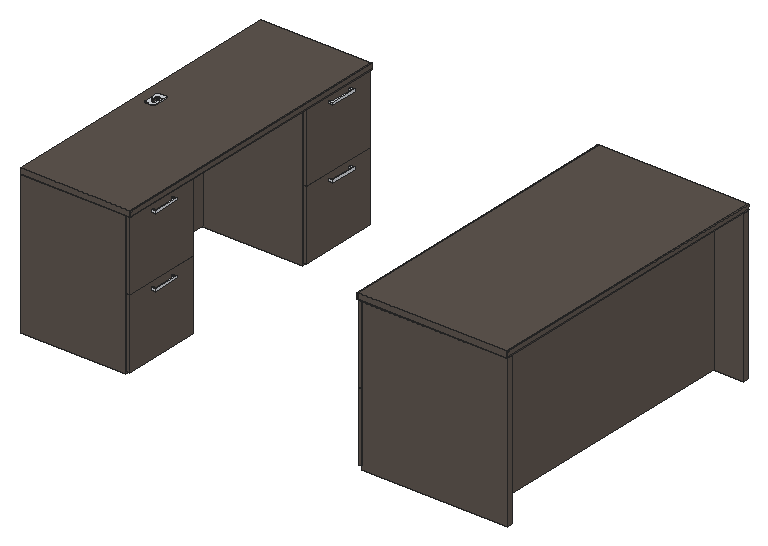
Revit family "T100293", category Furniture, Revit 2022
Family settings
  OmniClass Number = 23.40.20.00
  OmniClass Title = General Furniture and Specialties
  Work Plane-Based = No
  Always vertical = No
  Cut with Voids When Loaded = No
  Render Appearance Source = Family Geometry
  Shared = No
  Room Calculation Point = No
Parameters (values of type "T100293")
  URL = "https://ofs.com/"
  Manufacturer = "OFS"
  Description = "OFS TYPICAL T100293"
  Default Elevation = 0"
  Copyright © = "©OFS 2021"
  Catalog = "https://ofs.com/2020-experience"
  Authoring Version = "Autodesk Revit Architecture 2015"
  Assembly Code = "E2020400"
Reference planes (in)
  plane 1 "Center Front/Back": y = 0
  plane 2: z = 0
  plane 3 "Center Left/Right": x = 0
Dimensions and locks (in)
  aligned and locked: level to plane 2
Nested families (in)
  nested 1: "OFS ELEMENT OPEN L DESK LEFT AND RIGHT 84in Width 60in Return" at (102, 18.84375, 84), type "ELEMENT OPEN L DESK LEFT RETURN 84in Width 60in Return"
    with Right Desk Ovelay no, Left Desk Overlay no, Desk Overlay Option yes
  nested 2: "FIRST OFFICE-PULSE_CREDENZA_KNEESPACE" at (-38.0637, 0, 0) x (0, 1, 0) z (0, 0, 1), type "PULSE_CREDENZA_KNEESPACE_4-6022FCR"
    with TOP D SIZE yes, THICKNESS 1.188", CENTER GROMMET yes
  nested 3: "OFS PULSE FULL DOUBLE PEDESTAL DESKS (1)" at (34, 0, 0) x (0, -1, 0) z (0, 0, 1), type "Full Double Pedestal Desk Breakfront - 60x30"
    with Modesty Open 14"
Definition of nested family "FIRST OFFICE-PULSE_CREDENZA_KNEESPACE"
  Parameters (values of type "PULSE_CREDENZA_KNEESPACE_4-7222FCR")
    URL = "http://www.firstoffice.com/products/casegoods/pulse"
    TOP D SIZE [instance] = yes
    THICKNESS [instance] = if(TOP D SIZE, 1.188", 1.563")  # 1.188"
    PEDESTAL HEIGHT = 28.187"
    Default Elevation = 0"
    DRAWER FRONT = none
    ENVIRONMENTAL = "http://www.firstoffice.com/information/environment"
    TOP CORE = none
    Manufacturer = "FIRST OFFICE-PULSE"
    MODEL NUMBER = "4-7222FCR"
    MANUFACTURERS' CODE = "FOF"
    EDGE SHAPE = none
    Description = "PULSE KNEESPACE CREDENZA FULL PED 72X22"
    CREDENZA WIDTH = 72"
    CHASSIS = none
    CENTER GROMMET [instance] = yes
    CATALOG CODE = "FOF"
  Types (6): name | PEDESTAL HEIGHT | MODEL NUMBER | Description | CREDENZA WIDTH
    (no name) | 28.187" | "4-7222FCR" | "PULSE KNEESPACE CREDENZA FULL PED 72X22" | 72"
    PULSE_CREDENZA_KNEESPACE_4-6022FCR | 28.187" | "4-6022FCR" | "PULSE KNEESPACE CREDENZA FULL PED 60X22" | 60"
    PULSE_CREDENZA_KNEESPACE_4-6622FCR | 28.187" | "4-6622FCR" | "PULSE KNEESPACE CREDENZA FULL PED 66X22" | 66"
    PULSE_CREDENZA_KNEESPACE_4-7222FCR | 28.187" | "4-7222FCR" | "PULSE KNEESPACE CREDENZA FULL PED 72X22" | 72"
    PULSE_CREDENZA_KNEESPACE_4-6622CR | 21 1/4" | "4-6622CR" | "PULSE KNEESPACE CREDENZA 3/4 PED 66X22" | 66"
    PULSE_CREDENZA_KNEESPACE_4-7222CR | 21 1/4" | "4-7222CR" | "PULSE KNEESPACE CREDENZA 3/4 PED 72X22" | 72"
  Reference planes (in)
    plane 1 "Center Front/Back": y = -4
    plane 2: z = 0
    plane 3 "Center Left/Right": x = 0
    plane 4 "LEFT": x = -36
    plane 5 "RIGHT": x = 36
    plane 6 "DESK TOP": z = 30
    plane 7 "BASE HEIGHT": z = 28.812
    plane 8 "FRONT": y = -15
    plane 9 "PEDESTAL BOTTOM": z = 0.5
    plane 10 "PEDESTAL TOP": z = 28.687
    plane 11: z = 1.063
    plane 12 "PEDESTAL FRONT": y = -14
    plane 13 "DRAWER FRONT": y = -14.75
    plane 14: z = 14.813
    plane 15: z = 14.938
    plane 16: x = -35.937
    plane 17: x = 35.937
    plane 18: x = -20.187
    plane 19: x = -20.124
    plane 20: x = 20.187
    plane 21: x = 20.124
    plane 22: x = -34.937
    plane 23: x = -20.874
    plane 24: x = 34.937
    plane 25: x = 20.874
    plane 26: z = 1.25
    plane 27 "MODESTY PANEL": y = 7
    plane 28: y = 5.95
    plane 29: y = 6.7
    plane 30: z = 30.07
  Forms (in)
    Extrusion 1, solid, material <- "DRAWER FRONT"
      sketch origin (0, -14.75, 0) x (1, 0, 0) y (0, 0, 1)
        loop
          line (-35.937, 14.813) -> (-35.937, 1.063) -> (-20.187, 1.063) -> (-20.187, 14.813) -> (-35.937, 14.813)
      from -0.75 to 0
    Extrusion 2, solid
      sketch origin (0, -14.75, 0) x (1, 0, 0) y (0, 0, 1)
        loop
          line (-35.937, 28.687) -> (-35.937, 14.938) -> (-20.187, 14.938) -> (-20.187, 28.687) -> (-35.937, 28.687)
      from -0.75 to 0
    Extrusion 3, solid, material <- "DRAWER FRONT"
      sketch origin (0, -14.75, 0) x (-1, 0, 0) y (0, 0, -1)
        loop
          line (-35.937, -14.813) -> (-20.187, -14.813) -> (-20.187, -1.063) -> (-35.937, -1.063) -> (-35.937, -14.813)
      from -0.75 to 0
    Extrusion 4, solid, material <- "DRAWER FRONT"
      sketch origin (0, -14.75, 0) x (-1, 0, 0) y (0, 0, -1)
        loop
          line (-35.937, -28.687) -> (-20.187, -28.687) -> (-20.187, -14.938) -> (-35.937, -14.938) -> (-35.937, -28.687)
      from -0.75 to 0
    Extrusion 5, solid, material <- "CHASSIS"
      sketch origin (-36, 0, 0) x (0, 1, 0) y (0, 0, 1)
        loop
          line (-14, 28.687) -> (-14, 0.499) -> (7, 0.499) -> (7, 28.687) -> (-14, 28.687)
      from 0 to 1.063
    Extrusion 6, solid, material <- "CHASSIS"
      sketch origin (36, 0, 0) x (0, 1, 0) y (0, 0, -1)
        loop
          line (-14, -28.687) -> (7, -28.687) -> (7, -0.499) -> (-14, -0.499) -> (-14, -28.687)
      from 0 to 1.063
    Extrusion 7, solid, material <- "CHASSIS"
      sketch origin (18, 0, 0) x (0, 1, 0) y (0, 0, -1)
        loop
          line (-14, -28.812) -> (5.95, -28.812) -> (5.95, -0.5) -> (-14, -0.5) -> (-14, -28.812)
      from -2.874 to -2.124
    Extrusion 8, solid, material <- "CHASSIS"
      sketch origin (-15, 0, 0) x (0, 1, 0) y (0, 0, -1)
        loop
          line (-14, -28.812) -> (5.95, -28.812) -> (5.95, -0.5) -> (-14, -0.5) -> (-14, -28.812)
      from 5.124 to 5.874
    Extrusion 9, solid, material <- "CHASSIS"
      sketch origin (0, 7, 0) x (-1, 0, 0) y (0, 0, 1)
        loop
          line (-34.937, 28.812) -> (-34.937, 0.499) -> (34.937, 0.499) -> (34.937, 28.812) -> (-34.937, 28.812)
      from -1.05 to -0.3
    Extrusion 10, solid, material <- "CHASSIS"
      sketch origin (0, 0, 0.5) x (0, 1, 0) y (-1, 0, 0)
        loop
          line (5.95, 20.874) -> (5.95, 34.937) -> (-14, 34.937) -> (-14, 20.874) -> (5.95, 20.874)
      from 0 to 0.75
    Extrusion 11, solid, material <- "CHASSIS"
      sketch origin (0, 0, 0.5) x (0, 1, 0) y (-1, 0, 0)
        loop
          line (5.95, -20.874) -> (-14, -20.874) -> (-14, -34.937) -> (5.95, -34.937) -> (5.95, -20.874)
      from 0 to 0.75
    Extrusion 12, solid, material <- "TOP CORE"
      sketch origin (0, 0, 30) x (0, 1, 0) y (-1, 0, 0)
        loop
          line (7, 36) -> (-14.875, 36) -> (-14.875, -36) -> (7, -36) -> (7, 36)
      from -1.188 to 0
    Extrusion 13, solid, material <- "EDGE SHAPE"
      sketch origin (0, 0, 0) x (0, 1, 0) y (0, 0, 1)
        loop
          line (-14.875, 28.812) -> (-14.875, 30)
          arc (-14.875, 30) -> (-14.96339, 29.96339) -> (-15, 29.875) r 0.125
          line (-15, 29.875) -> (-15, 28.937)
          arc (-15, 28.937) -> (-14.96339, 28.84861) -> (-14.875, 28.812) r 0.125
      from -36 to 36
    Extrusion 14, solid
      sketch origin (-19.03911, -15.37535, 22.938) x (1, 0, 0) y (0, 1, 0)
        loop
          line (-11.74164, 0.62535) -> (-11.74164, -0.37465) -> (-6.30414, -0.37465) -> (-6.30414, 0.62535) -> (-6.67914, 0.62535) -> (-6.67914, -0.18715) -> (-11.36664, -0.18715) -> (-11.36664, 0.62535) -> (-11.74164, 0.62535)
      from 4.53125 to 5
    Extrusion 15, solid
      sketch origin (-19.03911, -15.37535, 9.063) x (1, 0, 0) y (0, 1, 0)
        loop
          line (-11.74164, 0.62535) -> (-11.74164, -0.37465) -> (-6.30414, -0.37465) -> (-6.30414, 0.62535) -> (-6.67914, 0.62535) -> (-6.67914, -0.18715) -> (-11.36664, -0.18715) -> (-11.36664, 0.62535) -> (-11.74164, 0.62535)
      from 4.53125 to 5
    Extrusion 16, solid
      sketch origin (19.03911, -15.37535, 22.938) x (-1, 0, 0) y (0, -1, 0)
        loop
          line (-11.74164, -0.62535) -> (-11.36664, -0.62535) -> (-11.36664, 0.18715) -> (-6.67914, 0.18715) -> (-6.67914, -0.62535) -> (-6.30414, -0.62535) -> (-6.30414, 0.37465) -> (-11.74164, 0.37465) -> (-11.74164, -0.62535)
      from 4.53125 to 5
    Extrusion 17, solid
      sketch origin (19.03911, -15.37535, 9.063) x (-1, 0, 0) y (0, -1, 0)
        loop
          line (-11.74164, -0.62535) -> (-11.36664, -0.62535) -> (-11.36664, 0.18715) -> (-6.67914, 0.18715) -> (-6.67914, -0.62535) -> (-6.30414, -0.62535) -> (-6.30414, 0.37465) -> (-11.74164, 0.37465) -> (-11.74164, -0.62535)
      from 4.53125 to 5
    Extrusion 18, solid
      sketch origin (0, 0, 28.687) x (0, 1, 0) y (-1, 0, 0)
        loop
          line (6.875, 34.937) -> (6.875, 35.875) -> (-14, 35.875) -> (-14, 34.937) -> (6.875, 34.937)
      from 0 to 0.125
    Extrusion 19, solid
      sketch origin (0, 0, 28.687) x (0, 1, 0) y (-1, 0, 0)
        loop
          line (6.875, -34.937) -> (-14, -34.937) -> (-14, -35.875) -> (6.875, -35.875) -> (6.875, -34.937)
      from 0 to 0.125
    Extrusion 20, solid, visible <- "CENTER GROMMET"
      sketch origin (0, -7, 29.972) x (0, 1, 0) y (-1, 0, 0)
        loop
          arc (12, 1.25) -> (11.87186, 1.55936) -> (11.5625, 1.6875) r 0.4375
          line (11.5625, 1.6875) -> (10.4375, 1.6875)
          arc (10.4375, 1.6875) -> (10.12814, 1.55936) -> (10, 1.25) r 0.4375
          line (10, 1.25) -> (10, 0) -> (10.62004, 0) -> (10.62004, 0.4375)
          arc (10.62004, 0.4375) -> (10.69471, 0.61779) -> (10.875, 0.69246) r 0.25496
          line (10.875, 0.69246) -> (11.125, 0.69246)
          arc (11.125, 0.69246) -> (11.30529, 0.61779) -> (11.37996, 0.4375) r 0.25496
          line (11.37996, 0.4375) -> (11.37996, 0) -> (12, 0) -> (12, 1.25)
      from 0.028 to 0.098
    Sweep 21, void
      path origin (0, -7, 30) x (0, 1, 0) y (-1, 0, 0)
        loop
          line (11.37996, 0) -> (11.37996, 0.4375)
          arc (11.37996, 0.4375) -> (11.30529, 0.61779) -> (11.125, 0.69246) r 0.25496
          line (11.125, 0.69246) -> (10.875, 0.69246)
          arc (10.875, 0.69246) -> (10.69471, 0.61779) -> (10.62004, 0.4375) r 0.25496
          line (10.62004, 0.4375) -> (10.62004, 0)
      profile origin (-0.69246, 4, 30) x (1, 0, 0) y (0, 0, 1)
        loop
          arc (-0.07, 0.07) -> (-0.0205, 0.0495) -> (0, 0) r 0.07
          line (0, 0) -> (0, 0.07) -> (-0.07, 0.07)
    Extrusion 22, solid, visible <- "CENTER GROMMET"
      sketch origin (0, -7, 30.317) x (0, 1, 0) y (-1, 0, 0)
        loop
          line (12, -1.25) -> (12, 0) -> (11.37996, 0) -> (11.37996, -0.4375)
          arc (11.37996, -0.4375) -> (11.30529, -0.61779) -> (11.125, -0.69246) r 0.25496
          line (11.125, -0.69246) -> (10.875, -0.69246)
          arc (10.875, -0.69246) -> (10.69471, -0.61779) -> (10.62004, -0.4375) r 0.25496
          line (10.62004, -0.4375) -> (10.62004, 0) -> (10, 0) -> (10, -1.25)
          arc (10, -1.25) -> (10.12814, -1.55936) -> (10.4375, -1.6875) r 0.4375
          line (10.4375, -1.6875) -> (11.5625, -1.6875)
          arc (11.5625, -1.6875) -> (11.87186, -1.55936) -> (12, -1.25) r 0.4375
      from -0.317 to -0.247
    Sweep 23, void
      path origin (0, -7, 30) x (0, 1, 0) y (1, 0, 0)
        loop
          line (11.37996, 0) -> (11.37996, 0.4375)
          arc (11.37996, 0.4375) -> (11.30529, 0.61779) -> (11.125, 0.69246) r 0.25496
          line (11.125, 0.69246) -> (10.875, 0.69246)
          arc (10.875, 0.69246) -> (10.69471, 0.61779) -> (10.62004, 0.4375) r 0.25496
          line (10.62004, 0.4375) -> (10.62004, 0)
      profile origin (0.69247, 4, 30) x (1, 0, 0) y (0, 0, 1)
        loop
          line (0.07, 0.07) -> (0, 0.07) -> (0, 0)
          arc (0, 0) -> (0.0205, 0.0495) -> (0.07, 0.07) r 0.07
    Extrusion 24, void
      sketch origin (0, 0, 30) x (0, 1, 0) y (-1, 0, 0)
        loop
          line (3.5, 0.75) -> (3.5, -0.75) -> (4.5, -0.75) -> (4.5, 0.75) -> (3.5, 0.75)
      from -1.188 to 0
  Cuts and joins
    Sweep 21, Extrusion 24 cuts Extrusion 20
    Sweep 21, Sweep 23, Extrusion 24 cuts Extrusion 22
    Extrusion 24 cuts Extrusion 12
  Lines and regions (in)
    Masking region 1
      outline origin (0, 0, 0) x (1, 0, 0) y (0, 1, 0)
        loop
          line (-36, 7) -> (-36, -15) -> (36, -15) -> (36, 7) -> (-36, 7)
    Masking region 2
      outline origin (0, 0, 0) x (1, 0, 0) y (0, 1, 0)
        loop
          line (-30.78075, -15) -> (-30.78075, -15.75) -> (-25.34325, -15.75) -> (-25.34325, -15) -> (-25.71825, -15) -> (-25.71825, -15.5625) -> (-30.40575, -15.5625) -> (-30.40575, -15) -> (-30.78075, -15)
    Masking region 3
      outline origin (0, 0, 0) x (0, 1, 0) y (-1, 0, 0)
        loop
          line (-15, -30.78075) -> (-15, -30.40575) -> (-15.5625, -30.40575) -> (-15.5625, -25.71825) -> (-15, -25.71825) -> (-15, -25.34325) -> (-15.75, -25.34325) -> (-15.75, -30.78075) -> (-15, -30.78075)
    Masking region 4, visible <- "CENTER GROMMET"
      outline origin (0, -7, 30) x (0, 1, 0) y (-1, 0, 0)
        loop
          arc (12, 1.25) -> (11.87186, 1.55936) -> (11.5625, 1.6875) r 0.4375
          line (11.5625, 1.6875) -> (10.4375, 1.6875)
          arc (10.4375, 1.6875) -> (10.12814, 1.55936) -> (10, 1.25) r 0.4375
          line (10, 1.25) -> (10, 0) -> (10.62004, 0) -> (10.62004, 0.4375)
          arc (10.62004, 0.4375) -> (10.69471, 0.61779) -> (10.875, 0.69246) r 0.25496
          line (10.875, 0.69246) -> (11.125, 0.69246)
          arc (11.125, 0.69246) -> (11.30529, 0.61779) -> (11.37996, 0.4375) r 0.25496
          line (11.37996, 0.4375) -> (11.37996, 0) -> (12, 0) -> (12, 1.25)
    Masking region 5, visible <- "CENTER GROMMET"
      outline origin (0, -7, 30) x (1, 0, 0) y (0, 1, 0)
        loop
          line (1.25, 12) -> (0, 12) -> (0, 11.37996) -> (0.4375, 11.37996)
          arc (0.4375, 11.37996) -> (0.61779, 11.30529) -> (0.69246, 11.125) r 0.25496
          line (0.69246, 11.125) -> (0.69246, 10.875)
          arc (0.69246, 10.875) -> (0.61779, 10.69471) -> (0.4375, 10.62004) r 0.25496
          line (0.4375, 10.62004) -> (0, 10.62004) -> (0, 10) -> (1.25, 10)
          arc (1.25, 10) -> (1.55936, 10.12814) -> (1.6875, 10.4375) r 0.4375
          line (1.6875, 10.4375) -> (1.6875, 11.5625)
          arc (1.6875, 11.5625) -> (1.55936, 11.87186) -> (1.25, 12) r 0.4375
  Dimensions and locks (in)
    equal spacing: plane 4 "LEFT", plane 3 "Center Left/Right", plane 5 "RIGHT"
    "CREDENZA WIDTH": plane 4 "LEFT" to plane 5 "RIGHT"
    plane 15 to plane 14 to plane 11 = 1/8" locked, 13 3/4" locked
    plane 26 to plane 11 to plane 9 "PEDESTAL BOTTOM" = 0.187" locked, 0.563" locked
    locked: Extrusion 6 to Extrusion 5 sketch curve at 28.188
    locked: Extrusion 9 sketch curve to Extrusion 12 at 28.313
    plane 14 to Extrusion 17 to Extrusion 17 = 3/4" locked, 15/32" locked
    "PEDESTAL HEIGHT": plane 10 "PEDESTAL TOP" to plane 9 "PEDESTAL BOTTOM"
    plane 27 "MODESTY PANEL" to plane 29 to plane 28 = 0.3" locked, 3/4" locked
    locked: plane 8 "FRONT" to plane 27 "MODESTY PANEL" at 22
    equal spacing: plane 27 "MODESTY PANEL", plane 1 "Center Front/Back", plane 8 "FRONT"
    plane 4 "LEFT" to plane 16 to plane 22 to plane 23 to plane 18 to plane 19 = 0.063" locked, 1" locked, 14.063" locked, 0.687" locked, 0.063" locked
    plane 21 to plane 20 to plane 25 to plane 24 to plane 17 to plane 5 "RIGHT" = 0.063" locked, 0.687" locked, 14.063" locked, 1" locked, 0.063" locked
    plane 7 "BASE HEIGHT" to plane 10 "PEDESTAL TOP" to plane 2 = 1/8" locked, 28.687" locked
    locked: plane 30 to plane 6 "DESK TOP" at 0.07
    "THICKNESS": plane 6 "DESK TOP" to plane 7 "BASE HEIGHT"
    aligned and locked: plane 16 to Extrusion 1 sketch curve
    aligned and locked: Extrusion 1 sketch curve to plane 14
    aligned and locked: plane 11 to Extrusion 1 sketch curve
    aligned and locked: Extrusion 1 sketch curve to plane 18
    aligned and locked: plane 18 to Extrusion 2 sketch curve
    aligned and locked: plane 10 "PEDESTAL TOP" to Extrusion 2 sketch curve
    aligned: Extrusion 2 to plane 12 "PEDESTAL FRONT"
    aligned: plane 13 "DRAWER FRONT" to Extrusion 2
    aligned and locked: Extrusion 1 to plane 12 "PEDESTAL FRONT"
    aligned and locked: plane 13 "DRAWER FRONT" to Extrusion 1
    aligned and locked: plane 10 "PEDESTAL TOP" to Extrusion 5 sketch curve
    aligned and locked: plane 12 "PEDESTAL FRONT" to Extrusion 5 sketch curve
    aligned: Extrusion 5 to plane 4 "LEFT"
    aligned: plane 22 to Extrusion 5
    aligned and locked: plane 5 "RIGHT" to Extrusion 6
    aligned and locked: plane 24 to Extrusion 6
    aligned and locked: Extrusion 8 to plane 23
    aligned and locked: plane 19 to Extrusion 8
    aligned and locked: Extrusion 7 to plane 25
    aligned and locked: plane 21 to Extrusion 7
    aligned and locked: plane 7 "BASE HEIGHT" to Extrusion 7
    aligned: Extrusion 6 to plane 9 "PEDESTAL BOTTOM"
    aligned and locked: Extrusion 7 to plane 9 "PEDESTAL BOTTOM"
    aligned and locked: Extrusion 8 to plane 9 "PEDESTAL BOTTOM"
    aligned and locked: plane 7 "BASE HEIGHT" to Extrusion 8
    aligned and locked: plane 7 "BASE HEIGHT" to Extrusion 9 sketch curve
    aligned and locked: Extrusion 9 sketch curve to plane 24
    aligned and locked: Extrusion 9 sketch curve to plane 22
    aligned: Extrusion 9 to plane 28
    aligned: plane 27 "MODESTY PANEL" to Extrusion 9
    aligned and locked: plane 28 to Extrusion 8
    aligned and locked: plane 28 to Extrusion 7
    aligned and locked: Extrusion 10 sketch curve to plane 22
    aligned and locked: plane 28 to Extrusion 10 sketch curve
    aligned and locked: plane 23 to Extrusion 10 sketch curve
    aligned and locked: plane 12 "PEDESTAL FRONT" to Extrusion 10 sketch curve
    aligned and locked: Extrusion 10 to plane 9 "PEDESTAL BOTTOM"
    aligned and locked: plane 26 to Extrusion 10
    aligned and locked: Extrusion 11 to plane 9 "PEDESTAL BOTTOM"
    aligned and locked: plane 26 to Extrusion 11
    aligned and locked: Extrusion 11 sketch curve to plane 28
    aligned and locked: Extrusion 11 sketch curve to plane 25
    aligned and locked: plane 24 to Extrusion 11 sketch curve
    aligned and locked: Extrusion 11 sketch curve to plane 12 "PEDESTAL FRONT"
    aligned and locked: Extrusion 12 to plane 7 "BASE HEIGHT"
    aligned and locked: plane 6 "DESK TOP" to Extrusion 12
    aligned and locked: Extrusion 13 sketch curve to plane 8 "FRONT"
    aligned and locked: Extrusion 13 to plane 4 "LEFT"
    aligned and locked: plane 5 "RIGHT" to Extrusion 13
    aligned and locked: plane 15 to Extrusion 4 sketch curve
    aligned and locked: Extrusion 17 to Extrusion 15
    aligned and locked: Extrusion 15 to Extrusion 17
    aligned and locked: Extrusion 18 to plane 10 "PEDESTAL TOP"
    aligned and locked: plane 7 "BASE HEIGHT" to Extrusion 18
    aligned and locked: level to plane 2
    aligned and locked: Extrusion 9 to Extrusion 6
    aligned and locked: Extrusion 2 sketch curve to plane 15
    aligned and locked: Masking region 1 sketch curve to plane 27 "MODESTY PANEL"
    aligned and locked: plane 27 "MODESTY PANEL" to Extrusion 5
    aligned and locked: Extrusion 12 sketch curve to Masking region 1
    aligned and locked: plane 27 "MODESTY PANEL" to Extrusion 6
    aligned and locked: plane 29 to Extrusion 9
    aligned and locked: Extrusion 9 to plane 28
    aligned: Extrusion 20 to Sweep 21
    aligned: Extrusion 22 to Sweep 21
    aligned and locked: plane 6 "DESK TOP" to cut or joined group of Extrusion 12, Extrusion 24
    aligned and locked: cut or joined group of Extrusion 12, Extrusion 24 to plane 7 "BASE HEIGHT"
    aligned and locked: plane 30 to cut or joined group of Extrusion 20, Sweep 21, Extrusion 24
    aligned and locked: cut or joined group of Extrusion 20, Sweep 21, Extrusion 24 to plane 6 "DESK TOP"
    aligned: plane 30 to Sweep 21  (x3)
    aligned: plane 30 to cut or joined group of Sweep 21, Extrusion 22, Sweep 23, Extrusion 24
    aligned: Sweep 21 to plane 30
    aligned and locked: plane 30 to cut or joined group of Sweep 21, Extrusion 22, Sweep 23, Extrusion 24
    aligned and locked: cut or joined group of Sweep 21, Extrusion 22, Sweep 23, Extrusion 24 to plane 6 "DESK TOP"
    aligned: plane 30 to Sweep 23
    aligned: Sweep 21 to plane 6 "DESK TOP"
    aligned: plane 6 "DESK TOP" to Sweep 23
    aligned and locked: Sweep 21 sketch curve to plane 30
    aligned and locked: plane 6 "DESK TOP" to Sweep 21 sketch curve
    aligned and locked: plane 30 to Sweep 23 sketch curve
    aligned and locked: plane 6 "DESK TOP" to Sweep 23 sketch curve
  Automatic sketch dimensions
    Extrusion 2 sketch curve to plane 16 = 0"
    plane 8 "FRONT" to Masking region 2 sketch curve = 0"  (x2)
    plane 22 to Masking region 2 sketch curve = 4 5/32"
    Masking region 2 sketch curve to Masking region 2 sketch curve = 3/8"  (x2)
    plane 8 "FRONT" to Masking region 2 sketch curve = 9/16"
    Masking region 2 sketch curve to Masking region 2 sketch curve = 4 11/16"
    Masking region 2 sketch curve to Masking region 2 sketch curve = 3/16"
    Extrusion 3 sketch curve to plane 14 = 0"
    Extrusion 3 sketch curve to plane 17 = 0"
    Extrusion 3 sketch curve to plane 11 = 0"
    plane 20 to Extrusion 3 sketch curve = 0"
    Extrusion 4 sketch curve to plane 17 = 0"
    Extrusion 4 sketch curve to plane 10 "PEDESTAL TOP" = 0"
    plane 20 to Extrusion 4 sketch curve = 0"
    Extrusion 5 sketch curve to plane 27 "MODESTY PANEL" = 0"
    Extrusion 6 sketch curve to plane 10 "PEDESTAL TOP" = 0"
    Extrusion 6 sketch curve to plane 12 "PEDESTAL FRONT" = 0"
    Extrusion 6 sketch curve to plane 27 "MODESTY PANEL" = 0"
    level to Extrusion 6 sketch curve = 0.499"
    Extrusion 7 sketch curve to plane 7 "BASE HEIGHT" = 0"
    Extrusion 7 sketch curve to plane 12 "PEDESTAL FRONT" = 0"
    Extrusion 7 sketch curve to plane 9 "PEDESTAL BOTTOM" = 0"
    Extrusion 7 sketch curve to plane 28 = 0"
    Extrusion 8 sketch curve to plane 7 "BASE HEIGHT" = 0"
    Extrusion 8 sketch curve to plane 12 "PEDESTAL FRONT" = 0"
    Extrusion 8 sketch curve to plane 9 "PEDESTAL BOTTOM" = 0"
    Extrusion 8 sketch curve to plane 28 = 0"
    Extrusion 12 sketch curve to plane 4 "LEFT" = 0"
    Extrusion 12 sketch curve to plane 5 "RIGHT" = 0"
    Extrusion 12 sketch curve to plane 8 "FRONT" = 1/8"
    Extrusion 13 sketch curve to plane 6 "DESK TOP" = 0"
    Extrusion 13 sketch curve to plane 7 "BASE HEIGHT" = 0"
    Extrusion 13 sketch curve to plane 8 "FRONT" = 1/8"
    plane 13 "DRAWER FRONT" to Extrusion 14 sketch curve = 0"  (x2)
    plane 22 to Extrusion 14 sketch curve = 4 5/32"
    Extrusion 14 sketch curve to Extrusion 14 sketch curve = 3/8"  (x2)
    plane 8 "FRONT" to Extrusion 14 sketch curve = 9/16"
    Extrusion 14 sketch curve to Extrusion 14 sketch curve = 4 11/16"
    Extrusion 14 sketch curve to Extrusion 14 sketch curve = 3/16"
    plane 13 "DRAWER FRONT" to Extrusion 15 sketch curve = 0"  (x2)
    plane 22 to Extrusion 15 sketch curve = 4 5/32"
    Extrusion 15 sketch curve to Extrusion 15 sketch curve = 3/8"  (x2)
    plane 8 "FRONT" to Extrusion 15 sketch curve = 9/16"
    Extrusion 15 sketch curve to Extrusion 15 sketch curve = 4 11/16"
    Extrusion 15 sketch curve to Extrusion 15 sketch curve = 3/16"
    plane 13 "DRAWER FRONT" to Extrusion 16 sketch curve = 0"  (x2)
    plane 24 to Extrusion 16 sketch curve = 4 5/32"
    Extrusion 16 sketch curve to Extrusion 16 sketch curve = 3/8"  (x2)
    plane 8 "FRONT" to Extrusion 16 sketch curve = 9/16"
    Extrusion 16 sketch curve to Extrusion 16 sketch curve = 4 11/16"
    Extrusion 16 sketch curve to Extrusion 16 sketch curve = 3/16"
    plane 13 "DRAWER FRONT" to Extrusion 17 sketch curve = 0"  (x2)
    plane 24 to Extrusion 17 sketch curve = 4 5/32"
    Extrusion 17 sketch curve to Extrusion 17 sketch curve = 3/8"  (x2)
    plane 8 "FRONT" to Extrusion 17 sketch curve = 9/16"
    Extrusion 17 sketch curve to Extrusion 17 sketch curve = 4 11/16"
    Extrusion 17 sketch curve to Extrusion 17 sketch curve = 3/16"
    Masking region 1 sketch curve to plane 4 "LEFT" = 0"
    Masking region 1 sketch curve to plane 5 "RIGHT" = 0"
    plane 8 "FRONT" to Masking region 1 sketch curve = 0"
    plane 8 "FRONT" to Masking region 3 sketch curve = 0"  (x2)
    Masking region 3 sketch curve to Masking region 3 sketch curve = 9/16"
    Masking region 3 sketch curve to Masking region 3 sketch curve = 3/16"
    plane 24 to Masking region 3 sketch curve = 4 5/32"
    Masking region 3 sketch curve to Masking region 3 sketch curve = 3/8"  (x2)
    Masking region 3 sketch curve to Masking region 3 sketch curve = 4 11/16"
    plane 12 "PEDESTAL FRONT" to Extrusion 18 sketch curve = 0"
    Extrusion 18 sketch curve to plane 22 = 0"
    plane 16 to Extrusion 18 sketch curve = 0.062"
    Extrusion 18 sketch curve to plane 27 "MODESTY PANEL" = 1/8"
    plane 12 "PEDESTAL FRONT" to Extrusion 19 sketch curve = 0"
    Extrusion 19 sketch curve to plane 24 = 0"
    plane 17 to Extrusion 19 sketch curve = 0.062"
    plane 27 "MODESTY PANEL" to Extrusion 19 sketch curve = 1/8"
    Extrusion 20 sketch curve to plane 3 "Center Left/Right" = 1 1/4"
    Extrusion 20 sketch curve to plane 1 "Center Front/Back" = 7"
    Extrusion 20 sketch curve to Extrusion 20 sketch curve = 7/16"  (x3)
    Extrusion 20 sketch curve to Extrusion 20 sketch curve = 0.62004"  (x2)
    Extrusion 20 sketch curve to Extrusion 20 sketch curve = 0.25496"  (x2)
    Extrusion 20 sketch curve to Extrusion 20 sketch curve = 1/4"
    Extrusion 20 sketch curve to plane 3 "Center Left/Right" = 0"  (x2)
    Sweep 21 sketch curve to plane 3 "Center Left/Right" = 7/16"
    Sweep 21 sketch curve to plane 1 "Center Front/Back" = 7.62004"
    Sweep 21 sketch curve to Sweep 21 sketch curve = 0.25496"  (x2)
    Sweep 21 sketch curve to Sweep 21 sketch curve = 1/4"
    Sweep 21 sketch curve to plane 3 "Center Left/Right" = 0"  (x2)
    profile plane to Sweep 21 sketch curve = 0"
    plane 3 "Center Left/Right" to Extrusion 22 sketch curve = 1 1/4"
    Extrusion 22 sketch curve to plane 1 "Center Front/Back" = 7"
    Extrusion 22 sketch curve to Extrusion 22 sketch curve = 7/16"  (x2)
    plane 3 "Center Left/Right" to Extrusion 22 sketch curve = 7/16"
    Extrusion 22 sketch curve to Extrusion 22 sketch curve = 0.62004"  (x2)
    Extrusion 22 sketch curve to Extrusion 22 sketch curve = 0.25496"  (x2)
    Extrusion 22 sketch curve to Extrusion 22 sketch curve = 1/4"
    plane 3 "Center Left/Right" to Extrusion 22 sketch curve = 0"  (x2)
    Sweep 23 sketch curve to plane 3 "Center Left/Right" = 7/16"
    plane 1 "Center Front/Back" to Sweep 23 sketch curve = 7.62004"
    Sweep 23 sketch curve to Sweep 23 sketch curve = 0.25496"  (x2)
    Sweep 23 sketch curve to Sweep 23 sketch curve = 1/4"
    Sweep 23 sketch curve to plane 3 "Center Left/Right" = 0"  (x2)
    profile plane to Sweep 23 sketch curve = 0"
    Masking region 4 sketch curve to plane 1 "Center Front/Back" = 7"
    Masking region 4 sketch curve to Masking region 4 sketch curve = 7/16"  (x3)
    Masking region 4 sketch curve to plane 3 "Center Left/Right" = 0"  (x2)
    Masking region 4 sketch curve to Masking region 4 sketch curve = 0.62004"  (x2)
    Masking region 4 sketch curve to Masking region 4 sketch curve = 0.25496"  (x2)
    Masking region 4 sketch curve to Masking region 4 sketch curve = 1/4"
    Masking region 4 sketch curve to Masking region 4 sketch curve = 13/16"
    plane 3 "Center Left/Right" to Masking region 5 sketch curve = 0"  (x2)
    plane 3 "Center Left/Right" to Masking region 5 sketch curve = 7/16"
    Masking region 5 sketch curve to Masking region 5 sketch curve = 0"
    Masking region 5 sketch curve to Masking region 5 sketch curve = 0.25496"
    Masking region 5 sketch curve to Masking region 5 sketch curve = 13/16"
    Masking region 5 sketch curve to Masking region 5 sketch curve = 0.55754"
    Masking region 5 sketch curve to Masking region 5 sketch curve = 7/16"  (x2)
    Masking region 5 sketch curve to plane 1 "Center Front/Back" = 7"
    Masking region 5 sketch curve to Masking region 5 sketch curve = 0.62004"
    Masking region 5 sketch curve to Masking region 5 sketch curve = 1/4"
    Extrusion 24 sketch curve to plane 28 = 2.45"
    Extrusion 24 sketch curve to Extrusion 24 sketch curve = 1"
    Extrusion 24 sketch curve to plane 3 "Center Left/Right" = 3/4"
    plane 3 "Center Left/Right" to Extrusion 24 sketch curve = 3/4"
Definition of nested family "OFS PULSE FULL DOUBLE PEDESTAL DESKS (1)"
  Parameters (values of type "Full Double Pedestal Desk Breakfront - 60x30")
    Width = 60"
    URL = "https://ofs.com/"
    Overhang = 0"
    Modesty Open [instance] = 14"
    Height = 30"
    Model = "4-6030FDP"
    Drawer Front = none
    Depth = 30"
    Top Material = none
    Manufacturer = "OFS"
    Edge Material = none
    Description = "OFS PULSE FULL DOUBLE PEDESTAL DESK, FULL WIDTH WORKSURFACE ATTACHED MODESTY, 60\" Width X 30\" Depth"
    Default Elevation = 0"
    Copyright © = "©OFS 2020"
    Chassis Material = none
    Catalog = "https://ofs.com/products/casegoods/private-office/impulse-g2"
    Authoring Version = "Autodesk Revit Architecture 2015"
    Assembly Code = "E2020200"
  Types (5): name | Width | Model | Depth | Description
    (no name) | 60" | "4-6030FDP" | 30" | "OFS PULSE FULL DOUBLE PEDESTAL DESK, FULL WIDTH WORKSURFACE ATTACHED MODESTY, 60\" Width X 30\" Depth"
    Full Double Pedestal Desk Breakfront - 60x30 | 60" | "4-6030FDP" | 30" | "OFS PULSE FULL DOUBLE PEDESTAL DESK, FULL WIDTH WORKSURFACE ATTACHED MODESTY, 60\" Width X 30\" Depth"
    Full Double Pedestal Desk Breakfront - 66x30 | 66" | "4-6630FDP" | 30" | "OFS PULSE FULL DOUBLE PEDESTAL DESK, FULL WIDTH WORKSURFACE ATTACHED MODESTY, 66\" Width X 30\" Depth"
    Full Double Pedestal Desk Breakfront - 72x30 | 72" | "4-7230FDP" | 30" | "OFS PULSE FULL DOUBLE PEDESTAL DESK, FULL WIDTH WORKSURFACE ATTACHED MODESTY, 72\" Width X 30\" Depth"
    Full Double Pedestal Desk Breakfront - 72x36 | 72" | "4-7236FDP" | 36" | "OFS PULSE FULL DOUBLE PEDESTAL DESK, FULL WIDTH WORKSURFACE ATTACHED MODESTY, 72\" Width X 36\" Depth"
  Reference planes (in)
    plane 1 "Center Front/Back": y = 3
    plane 2: z = 1.313
    plane 3 "Center Left/Right": x = 0
    plane 4 "LEFT": x = -30
    plane 5 "RIGHT": x = 30
    plane 6 "DESK TOP": z = 31.313
    plane 7 "BASE HEIGHT": z = 30.125
    plane 8 "FRONT": y = -12
    plane 9 "PEDESTAL BOTTOM": z = 0
    plane 10 "PEDESTAL TOP": z = 30
    plane 11: z = 0.563
    plane 12 "PEDESTAL FRONT": y = -11
    plane 13 "DRAWER FRONT": y = -11.75
    plane 14 "ARC DEPTH": y = 18
    plane 15: z = 14.313
    plane 16: z = 14.438
    plane 17: z = 23.187
    plane 18: z = 23.063
    plane 19: x = -29.937
    plane 20: x = 29.937
    plane 21: x = -14.187
    plane 22: x = -14.124
    plane 23: x = 14.187
    plane 24: x = 14.124
    plane 25: x = -28.937
    plane 26: x = -14.874
    plane 27: x = 28.937
    plane 28: x = 14.874
    plane 29: z = 0.75
    plane 30 "MODESTY PANEL": y = 18
    plane 31: y = 17.25
    plane 32: y = 17.875
    plane 33: y = 12
    plane 34: y = 11.25
    plane 35: z = 14
  Forms (in)
    Extrusion 1, solid, material <- "Drawer Front"
      sketch origin (0, -11.75, 0) x (1, 0, 0) y (0, 0, 1)
        loop
          line (-29.937, 14.313) -> (-29.937, 0.563) -> (-14.187, 0.563) -> (-14.187, 14.313) -> (-29.937, 14.313)
      from -0.75 to 0
    Extrusion 2, solid
      sketch origin (0, -11.75, 0) x (1, 0, 0) y (0, 0, 1)
        loop
          line (-29.937, 23.063) -> (-29.937, 14.438) -> (-14.187, 14.438) -> (-14.187, 23.063) -> (-29.937, 23.063)
      from -0.75 to 0
    Extrusion 3, solid
      sketch origin (0, -11.75, 0) x (1, 0, 0) y (0, 0, 1)
        loop
          line (-29.937, 30) -> (-29.937, 23.187) -> (-14.187, 23.187) -> (-14.187, 30) -> (-29.937, 30)
      from -0.75 to 0
    Extrusion 4, solid, material <- "Drawer Front"
      sketch origin (0, -11.75, 0) x (-1, 0, 0) y (0, 0, -1)
        loop
          line (-29.937, -14.313) -> (-14.187, -14.313) -> (-14.187, -0.563) -> (-29.937, -0.563) -> (-29.937, -14.313)
      from -0.75 to 0
    Extrusion 5, solid, material <- "Drawer Front"
      sketch origin (0, -11.75, 0) x (-1, 0, 0) y (0, 0, -1)
        loop
          line (-29.937, -30) -> (-14.187, -30) -> (-14.187, -14.438) -> (-29.937, -14.438) -> (-29.937, -30)
      from -0.75 to 0
    Extrusion 6, solid, material <- "Chassis Material"
      sketch origin (-30, 0, 0) x (0, 1, 0) y (0, 0, 1)
        loop
          line (-11, 30) -> (-11, 0) -> (18, 0) -> (18, 30) -> (-11, 30)
      from 0 to 1.063
    Extrusion 7, solid, material <- "Chassis Material"
      sketch origin (36, 0, 0) x (0, 1, 0) y (0, 0, -1)
        loop
          line (-11, -30) -> (18, -30) -> (18, 0.001) -> (-11, 0.001) -> (-11, -30)
      from 6 to 7.063
    Extrusion 8, solid, material <- "Chassis Material"
      sketch origin (18, 0, 0) x (0, 1, 0) y (0, 0, -1)
        loop
          line (-11, -30.125) -> (11.25, -30.125) -> (11.25, 0) -> (-11, 0) -> (-11, -30.125)
      from 3.126 to 3.876
    Extrusion 9, solid, material <- "Chassis Material"
      sketch origin (-15, 0, 0) x (0, 1, 0) y (0, 0, -1)
        loop
          line (-11, -30.125) -> (11.25, -30.125) -> (11.25, 0) -> (-11, 0) -> (-11, -30.125)
      from -0.876 to -0.126
    Extrusion 10, solid, material <- "Chassis Material"
      sketch origin (0, 0, 0) x (0, 1, 0) y (-1, 0, 0)
        loop
          line (11.25, 14.874) -> (11.25, 28.937) -> (-11, 28.937) -> (-11, 14.874) -> (11.25, 14.874)
      from 0 to 0.75
    Extrusion 11, solid, material <- "Chassis Material"
      sketch origin (0, 0, 0) x (0, 1, 0) y (-1, 0, 0)
        loop
          line (11.25, -14.874) -> (-11, -14.874) -> (-11, -28.937) -> (11.25, -28.937) -> (11.25, -14.874)
      from 0 to 0.75
    Sweep 12, solid, material <- "Edge Material"
      path origin (0, 0, 31.313) x (0, 1, 0) y (-1, 0, 0)
        loop
          line (17.875, 30) -> (17.875, -30)
      profile origin (0, 17.875, 31.313) x (0, 1, 0) y (0, 0, 1)
        loop
          arc (0, -1.188) -> (0.08839, -1.15139) -> (0.125, -1.063) r 0.125
          line (0.125, -1.063) -> (0.125, -0.125)
          arc (0.125, -0.125) -> (0.08839, -0.03661) -> (0, 0) r 0.125
          line (0, 0) -> (0, -1.188)
    Extrusion 13, solid, material <- "Top Material"
      sketch origin (0, 0, 31.313) x (0, 1, 0) y (-1, 0, 0)
        loop
          line (17.875, 30) -> (-11.875, 30) -> (-11.875, -30) -> (17.875, -30) -> (17.875, 30)
      from -1.188 to 0
    Extrusion 14, solid, material <- "Edge Material"
      sketch origin (0, 0, 0) x (0, 1, 0) y (0, 0, 1)
        loop
          line (-11.875, 30.125) -> (-11.875, 31.313)
          arc (-11.875, 31.313) -> (-11.96339, 31.27639) -> (-12, 31.188) r 0.125
          line (-12, 31.188) -> (-12, 30.25)
          arc (-12, 30.25) -> (-11.96339, 30.16161) -> (-11.875, 30.125) r 0.125
      from -30 to 30
    Extrusion 15, solid
      sketch origin (-19.03911, -15.37535, 16.001) x (1, 0, 0) y (0, 1, 0)
        loop
          line (-5.74164, 3.62535) -> (-5.74164, 2.62535) -> (-0.30414, 2.62535) -> (-0.30414, 3.62535) -> (-0.67914, 3.62535) -> (-0.67914, 2.81285) -> (-5.36664, 2.81285) -> (-5.36664, 3.62535) -> (-5.74164, 3.62535)
      from 4.53125 to 5
    Extrusion 16, solid
      sketch origin (-19.03911, -15.37535, 22.938) x (1, 0, 0) y (0, 1, 0)
        loop
          line (-5.74164, 3.62535) -> (-5.74164, 2.62535) -> (-0.30414, 2.62535) -> (-0.30414, 3.62535) -> (-0.67914, 3.62535) -> (-0.67914, 2.81285) -> (-5.36664, 2.81285) -> (-5.36664, 3.62535) -> (-5.74164, 3.62535)
      from 4.53125 to 5
    Extrusion 17, solid
      sketch origin (19.03911, -15.37535, 22.938) x (-1, 0, 0) y (0, -1, 0)
        loop
          line (-5.74164, -3.62535) -> (-5.36664, -3.62535) -> (-5.36664, -2.81285) -> (-0.67914, -2.81285) -> (-0.67914, -3.62535) -> (-0.30414, -3.62535) -> (-0.30414, -2.62535) -> (-5.74164, -2.62535) -> (-5.74164, -3.62535)
      from 4.53125 to 5
    Extrusion 18, solid
      sketch origin (19.03911, -15.37535, 9.063) x (-1, 0, 0) y (0, -1, 0)
        loop
          line (-5.74164, -3.62535) -> (-5.36664, -3.62535) -> (-5.36664, -2.81285) -> (-0.67914, -2.81285) -> (-0.67914, -3.62535) -> (-0.30414, -3.62535) -> (-0.30414, -2.62535) -> (-5.74164, -2.62535) -> (-5.74164, -3.62535)
      from 4.03125 to 4.5
    Extrusion 19, solid
      sketch origin (0, 0, 30) x (0, 1, 0) y (-1, 0, 0)
        loop
          line (18, 28.937) -> (18, 29.875) -> (-11, 29.875) -> (-11, 28.937) -> (18, 28.937)
      from 0 to 0.125
    Extrusion 20, solid
      sketch origin (0, 0, 30) x (0, 1, 0) y (-1, 0, 0)
        loop
          line (18, -28.937) -> (-11, -28.937) -> (-11, -29.875) -> (18, -29.875) -> (18, -28.937)
      from 0 to 0.125
    Extrusion 21, solid, material <- "Chassis Material"
      sketch origin (20.75, 18, 0) x (-1, 0, 0) y (0, 0, 1)
        loop
          line (-8.187, 30.125) -> (-8.187, 0) -> (49.687, 0) -> (49.687, 30.125) -> (-8.187, 30.125)
      from -6.75 to -6
    Extrusion 22, solid
      sketch origin (-19.03911, -15.37535, 7.25) x (1, 0, 0) y (0, 1, 0)
        loop
          line (-5.74164, 3.62535) -> (-5.74164, 2.62535) -> (-0.30414, 2.62535) -> (-0.30414, 3.62535) -> (-0.67914, 3.62535) -> (-0.67914, 2.81285) -> (-5.36664, 2.81285) -> (-5.36664, 3.62535) -> (-5.74164, 3.62535)
      from 4.53125 to 5
  Lines and regions (in)
    Masking region 1
      outline origin (0, 0, 0) x (1, 0, 0) y (0, 1, 0)
        loop
          line (-30, 18) -> (-30, -12) -> (30, -12) -> (30, 18) -> (-30, 18)
    Masking region 2
      outline origin (0, 0, 0) x (1, 0, 0) y (0, 1, 0)
        loop
          line (-24.78075, -12) -> (-24.78075, -12.75) -> (-19.34325, -12.75) -> (-19.34325, -12) -> (-19.71825, -12) -> (-19.71825, -12.5625) -> (-24.40575, -12.5625) -> (-24.40575, -12) -> (-24.78075, -12)
    Masking region 3
      outline origin (0, 0, 0) x (0, 1, 0) y (-1, 0, 0)
        loop
          line (-12, -24.78075) -> (-12, -24.40575) -> (-12.5625, -24.40575) -> (-12.5625, -19.71825) -> (-12, -19.71825) -> (-12, -19.34325) -> (-12.75, -19.34325) -> (-12.75, -24.78075) -> (-12, -24.78075)
  Dimensions and locks (in)
    equal spacing: plane 4 "LEFT", plane 3 "Center Left/Right", plane 5 "RIGHT"
    "Width": plane 4 "LEFT" to plane 5 "RIGHT"
    "Depth": plane 8 "FRONT" to plane 14 "ARC DEPTH"
    equal spacing: plane 8 "FRONT", plane 1 "Center Front/Back", plane 14 "ARC DEPTH"
    plane 8 "FRONT" to plane 13 "DRAWER FRONT" to plane 12 "PEDESTAL FRONT" = 1/4" locked, 3/4" locked
    plane 16 to plane 15 to plane 11 = 1/8" locked, 13 3/4" locked
    locked: plane 10 "PEDESTAL TOP" to plane 17 at 6.813
    plane 14 "ARC DEPTH" to plane 32 = 1/8"
    locked: plane 17 to plane 18 at 0.124
    plane 29 to plane 11 to plane 9 "PEDESTAL BOTTOM" = 0.187" locked, 0.563" locked
    Extrusion 7 to Extrusion 6 sketch curve = 30"
    plane 15 to Extrusion 18 to Extrusion 18 = 3/4" locked, 15/32" locked
    plane 6 "DESK TOP" to plane 7 "BASE HEIGHT" to plane 10 "PEDESTAL TOP" = 1.188" locked, 1/8" locked
    "Height": plane 10 "PEDESTAL TOP" to plane 9 "PEDESTAL BOTTOM"
    locked: plane 30 "MODESTY PANEL" to plane 31 at 0.75
    plane 4 "LEFT" to plane 19 to plane 25 to plane 26 to plane 21 to plane 22 = 0.063" locked, 1" locked, 14.063" locked, 0.687" locked, 0.063" locked
    plane 24 to plane 23 to plane 28 to plane 27 to plane 20 to plane 5 "RIGHT" = 0.063" locked, 0.687" locked, 14.063" locked, 1" locked, 0.063" locked
    "Overhang": plane 14 "ARC DEPTH" to plane 30 "MODESTY PANEL"
    plane 14 "ARC DEPTH" to plane 33 to plane 34 = 6" locked, 3/4" locked
    "Modesty Open": plane 35 to level
    aligned and locked: plane 19 to Extrusion 1 sketch curve
    aligned and locked: Extrusion 1 sketch curve to plane 15
    aligned and locked: plane 11 to Extrusion 1 sketch curve
    aligned and locked: Extrusion 1 sketch curve to plane 21
    aligned and locked: Extrusion 2 sketch curve to plane 19
    aligned and locked: Extrusion 2 sketch curve to plane 16
    aligned and locked: plane 21 to Extrusion 2 sketch curve
    aligned and locked: plane 18 to Extrusion 2 sketch curve
    aligned and locked: Extrusion 3 sketch curve to plane 17
    aligned and locked: plane 21 to Extrusion 3 sketch curve
    aligned and locked: plane 10 "PEDESTAL TOP" to Extrusion 3 sketch curve
    aligned and locked: Extrusion 3 to plane 12 "PEDESTAL FRONT"
    aligned and locked: plane 13 "DRAWER FRONT" to Extrusion 3
    aligned and locked: Extrusion 2 to plane 12 "PEDESTAL FRONT"
    aligned and locked: plane 13 "DRAWER FRONT" to Extrusion 2
    aligned and locked: Extrusion 1 to plane 12 "PEDESTAL FRONT"
    aligned and locked: plane 13 "DRAWER FRONT" to Extrusion 1
    aligned and locked: plane 10 "PEDESTAL TOP" to Extrusion 6 sketch curve
    aligned and locked: plane 12 "PEDESTAL FRONT" to Extrusion 6 sketch curve
    aligned: Extrusion 6 to plane 4 "LEFT"
    aligned: plane 25 to Extrusion 6
    aligned and locked: plane 5 "RIGHT" to Extrusion 7
    aligned and locked: plane 27 to Extrusion 7
    aligned and locked: Extrusion 9 to plane 26
    aligned and locked: plane 22 to Extrusion 9
    aligned and locked: Extrusion 8 to plane 28
    aligned and locked: plane 24 to Extrusion 8
    aligned and locked: plane 7 "BASE HEIGHT" to Extrusion 8
    aligned: Extrusion 7 to plane 9 "PEDESTAL BOTTOM"
    aligned and locked: Extrusion 8 to plane 9 "PEDESTAL BOTTOM"
    aligned and locked: Extrusion 9 to plane 9 "PEDESTAL BOTTOM"
    aligned and locked: plane 7 "BASE HEIGHT" to Extrusion 9
    aligned and locked: Extrusion 10 sketch curve to plane 25
    aligned and locked: plane 26 to Extrusion 10 sketch curve
    aligned and locked: plane 12 "PEDESTAL FRONT" to Extrusion 10 sketch curve
    aligned and locked: Extrusion 11 sketch curve to plane 28
    aligned and locked: plane 27 to Extrusion 11 sketch curve
    aligned and locked: Extrusion 11 sketch curve to plane 12 "PEDESTAL FRONT"
    aligned and locked: Extrusion 13 to plane 7 "BASE HEIGHT"
    aligned and locked: plane 6 "DESK TOP" to Extrusion 13
    aligned and locked: Extrusion 14 sketch curve to plane 8 "FRONT"
    aligned and locked: Extrusion 14 to plane 4 "LEFT"
    aligned and locked: plane 5 "RIGHT" to Extrusion 14
    aligned and locked: plane 16 to Extrusion 5 sketch curve
    aligned and locked: Extrusion 19 to plane 10 "PEDESTAL TOP"
    aligned and locked: plane 7 "BASE HEIGHT" to Extrusion 19
    aligned and locked: Masking region 1 sketch curve to plane 14 "ARC DEPTH"
    aligned and locked: Sweep 12 sketch curve to plane 32
    aligned and locked: Extrusion 13 sketch curve to plane 32
    aligned and locked: plane 33 to Extrusion 21
    aligned and locked: Extrusion 21 to plane 34
    aligned and locked: plane 34 to Extrusion 8
    aligned and locked: Extrusion 21 to plane 27
    aligned and locked: plane 34 to Extrusion 9
    aligned and locked: Extrusion 21 to plane 25
    aligned and locked: plane 34 to Extrusion 10
    aligned and locked: plane 34 to Extrusion 11
    aligned and locked: plane 14 "ARC DEPTH" to Extrusion 19
    aligned and locked: plane 14 "ARC DEPTH" to Extrusion 6
    aligned and locked: plane 14 "ARC DEPTH" to Extrusion 20
    aligned and locked: plane 14 "ARC DEPTH" to Extrusion 7
  Automatic sketch dimensions
    Extrusion 3 sketch curve to plane 19 = 0"
    Extrusion 4 sketch curve to plane 15 = 0"
    Extrusion 4 sketch curve to plane 20 = 0"
    Extrusion 4 sketch curve to plane 11 = 0"
    plane 23 to Extrusion 4 sketch curve = 0"
    Extrusion 5 sketch curve to plane 20 = 0"
    Extrusion 5 sketch curve to plane 10 "PEDESTAL TOP" = 0"
    plane 23 to Extrusion 5 sketch curve = 0"
    plane 31 to Extrusion 6 sketch curve = 3/4"
    Extrusion 7 sketch curve to plane 10 "PEDESTAL TOP" = 0"
    Extrusion 7 sketch curve to plane 12 "PEDESTAL FRONT" = 0"
    plane 31 to Extrusion 7 sketch curve = 3/4"
    Extrusion 7 sketch curve to plane 9 "PEDESTAL BOTTOM" = 0.001"
    Extrusion 8 sketch curve to plane 7 "BASE HEIGHT" = 0"
    Extrusion 8 sketch curve to plane 12 "PEDESTAL FRONT" = 0"
    Extrusion 8 sketch curve to plane 9 "PEDESTAL BOTTOM" = 0"
    Extrusion 8 sketch curve to plane 31 = 6"
    Extrusion 9 sketch curve to plane 7 "BASE HEIGHT" = 0"
    Extrusion 9 sketch curve to plane 12 "PEDESTAL FRONT" = 0"
    Extrusion 9 sketch curve to plane 9 "PEDESTAL BOTTOM" = 0"
    Extrusion 9 sketch curve to plane 31 = 6"
    Sweep 12 sketch curve to plane 5 "RIGHT" = 0"
    Sweep 12 sketch curve to plane 4 "LEFT" = 0"
    Sweep 12 sketch curve to profile plane = 0"
    Sweep 12 sketch curve to plane 6 "DESK TOP" = 0"
    Sweep 12 sketch curve to Sweep 12 sketch curve = 1/8"
    Sweep 12 sketch curve to Sweep 12 sketch curve = 0.938"
    Extrusion 13 sketch curve to plane 4 "LEFT" = 0"
    Extrusion 13 sketch curve to plane 5 "RIGHT" = 0"
    Extrusion 13 sketch curve to plane 8 "FRONT" = 1/8"
    Extrusion 14 sketch curve to plane 6 "DESK TOP" = 0"
    Extrusion 14 sketch curve to plane 7 "BASE HEIGHT" = 0"
    Extrusion 14 sketch curve to plane 8 "FRONT" = 1/8"
    plane 13 "DRAWER FRONT" to Extrusion 15 sketch curve = 0"  (x2)
    plane 25 to Extrusion 15 sketch curve = 4 5/32"
    Extrusion 15 sketch curve to Extrusion 15 sketch curve = 3/8"  (x2)
    plane 8 "FRONT" to Extrusion 15 sketch curve = 9/16"
    Extrusion 15 sketch curve to Extrusion 15 sketch curve = 4 11/16"
    Extrusion 15 sketch curve to Extrusion 15 sketch curve = 3/16"
    plane 13 "DRAWER FRONT" to Extrusion 16 sketch curve = 0"  (x2)
    plane 25 to Extrusion 16 sketch curve = 4 5/32"
    Extrusion 16 sketch curve to Extrusion 16 sketch curve = 3/8"  (x2)
    plane 8 "FRONT" to Extrusion 16 sketch curve = 9/16"
    Extrusion 16 sketch curve to Extrusion 16 sketch curve = 4 11/16"
    Extrusion 16 sketch curve to Extrusion 16 sketch curve = 3/16"
    plane 13 "DRAWER FRONT" to Extrusion 17 sketch curve = 0"  (x2)
    plane 27 to Extrusion 17 sketch curve = 4 5/32"
    Extrusion 17 sketch curve to Extrusion 17 sketch curve = 3/8"  (x2)
    plane 8 "FRONT" to Extrusion 17 sketch curve = 9/16"
    Extrusion 17 sketch curve to Extrusion 17 sketch curve = 4 11/16"
    Extrusion 17 sketch curve to Extrusion 17 sketch curve = 3/16"
    plane 13 "DRAWER FRONT" to Extrusion 18 sketch curve = 0"  (x2)
    plane 27 to Extrusion 18 sketch curve = 4 5/32"
    Extrusion 18 sketch curve to Extrusion 18 sketch curve = 3/8"  (x2)
    plane 8 "FRONT" to Extrusion 18 sketch curve = 9/16"
    Extrusion 18 sketch curve to Extrusion 18 sketch curve = 4 11/16"
    Extrusion 18 sketch curve to Extrusion 18 sketch curve = 3/16"
    Masking region 1 sketch curve to plane 4 "LEFT" = 0"
    Masking region 1 sketch curve to plane 5 "RIGHT" = 0"
    plane 8 "FRONT" to Masking region 1 sketch curve = 0"
    plane 8 "FRONT" to Masking region 2 sketch curve = 0"  (x2)
    plane 25 to Masking region 2 sketch curve = 4 5/32"
    Masking region 2 sketch curve to Masking region 2 sketch curve = 3/8"  (x2)
    plane 8 "FRONT" to Masking region 2 sketch curve = 9/16"
    Masking region 2 sketch curve to Masking region 2 sketch curve = 4 11/16"
    Masking region 2 sketch curve to Masking region 2 sketch curve = 3/16"
    plane 8 "FRONT" to Masking region 3 sketch curve = 0"  (x2)
    Masking region 3 sketch curve to Masking region 3 sketch curve = 9/16"
    Masking region 3 sketch curve to Masking region 3 sketch curve = 3/16"
    plane 27 to Masking region 3 sketch curve = 4 5/32"
    Masking region 3 sketch curve to Masking region 3 sketch curve = 3/8"  (x2)
    Masking region 3 sketch curve to Masking region 3 sketch curve = 4 11/16"
    plane 12 "PEDESTAL FRONT" to Extrusion 19 sketch curve = 0"
    plane 31 to Extrusion 19 sketch curve = 3/4"
    Extrusion 19 sketch curve to plane 25 = 0"
    plane 19 to Extrusion 19 sketch curve = 0.062"
    plane 12 "PEDESTAL FRONT" to Extrusion 20 sketch curve = 0"
    Extrusion 20 sketch curve to plane 31 = 3/4"
    Extrusion 20 sketch curve to plane 27 = 0"
    plane 20 to Extrusion 20 sketch curve = 0.062"
    Extrusion 21 sketch curve to plane 7 "BASE HEIGHT" = 0"
    Extrusion 21 sketch curve to plane 24 = 14.813"
    plane 9 "PEDESTAL BOTTOM" to Extrusion 21 sketch curve = 0"
    Extrusion 21 sketch curve to plane 22 = 14.813"
    plane 13 "DRAWER FRONT" to Extrusion 22 sketch curve = 0"  (x2)
    plane 25 to Extrusion 22 sketch curve = 4 5/32"
    Extrusion 22 sketch curve to Extrusion 22 sketch curve = 3/8"  (x2)
    plane 8 "FRONT" to Extrusion 22 sketch curve = 9/16"
    Extrusion 22 sketch curve to Extrusion 22 sketch curve = 4 11/16"
    Extrusion 22 sketch curve to Extrusion 22 sketch curve = 3/16"
    Extrusion 10 sketch curve to plane 31 = 6"
    plane 31 to Extrusion 11 sketch curve = 6"
Definition of nested family "OFS ELEMENT OPEN L DESK LEFT AND RIGHT 84in Width 60in Return"
  Parameters (values of type "ELEMENT OPEN L DESK RIGHT RETURN 84in Width 60in Return")
    Worksurface Material = none
    Width = 84"
    URL = "http://www.ofsbrands.com/"
    Transaction Shelf Material = none
    Table Supp from Lateral = 2 5/8"
    Table Supp from Center = 11 1/8"
    Table Depth = 13 1/2"
    Right Return Desk Option = no
    Right Desk Ovelay [instance] = and(Right Return Desk Option, Desk Overlay Option)  # no
    Return Worksurface Width = 22"
    Paper Organizer Material = none
    Paper Organizer Depth = 12 3/4"
    Paper Organizer Clearance = 4 5/8"
    Paper Organizer Board Thickness = 3/4"
    Model = "EL-T84RL60C"
    Manufacturer = "OFS"
    Left Return Desk Option = yes
    Left Desk Overlay [instance] = and(Left Return Desk Option, Desk Overlay Option)  # yes
    Lateral Board Thickness = 1 3/16"
    Height = 45"
    Standoffs Material = none
    Groomet Material = none
    Desk Overlay Thickness = 1/8"
    Desk Overlay Option [instance] = yes
    Desk Overlay Material = none
    Desk Overlay = 6 1/2"
    Description = "OFS BRANDS OFS ELEMENT OPEN L DESK RIGHT RETURN 84\" Width, 84\"W x 34.3125\"D DESK, 60\"W x 22\"D RETURN With Paper Organizer"
    Desk Depth = 34 5/16"
    Depth = 94 5/16"
    Default Elevation = 0"
    Copyright © = "© 2018 OFS BRANDS"
    Catalog = "http://ofs.com/products/casegoods/reception/element"
    Bottom Board Offset = 0"
    Chassis Material = none
    Base Depth = 30"
    Back Board Thickness = 1 3/16"
    Authoring Version = "Autodesk Revit Architecture 2013"
    Assembly Code = "E2020200"
  Types (3): name | Model | Left Return Desk Option | Left Desk Overlay | Description
    (no name) | "EL-T84RL60C" | yes | yes | "OFS BRANDS OFS ELEMENT OPEN L DESK RIGHT RETURN 84\" Width, 84\"W x 34.3125\"D DESK, 60\"W x 22\"D RETURN With Paper Organizer"
    ELEMENT OPEN L DESK LEFT RETURN 84in Width 60in Return | "EL-T84LL60C" | no | no | "OFS BRANDS OFS ELEMENT OPEN L DESK LEFT RETURN 84\" Width, 84\"W x 34.3125\"D DESK, 60\"W x 22\"D RETURN With Paper Organizer"
    ELEMENT OPEN L DESK RIGHT RETURN 84in Width 60in Return | "EL-T84RL60C" | yes | yes | "OFS BRANDS OFS ELEMENT OPEN L DESK RIGHT RETURN 84\" Width, 84\"W x 34.3125\"D DESK, 60\"W x 22\"D RETURN With Paper Organizer"
  Reference planes (in)
    plane 1 "Center Front/Back": y = 0
    plane 2: z = 0
    plane 3 "Center Left/Right": x = 0
    plane 4 "Back External": y = 17.15625
    plane 5 "Right External": x = 42
    plane 6 "Front External": y = -17.15625
    plane 7 "Left External": x = -42
    plane 8 "Seat Height": z = 29.5
    plane 9 "Height": z = 45
    plane 10: x = 40.8125
    plane 11: x = -40.8125
    plane 12: y = 12.84375
    plane 13: y = 11.65625
    plane 14: y = 3.65625
    plane 15: z = 40.5
    plane 16: z = 28.5
    plane 17: z = 43.875
    plane 18: z = 39.375
    plane 19: z = 0
    plane 20: x = 39.375
    plane 21: x = 2.625
    plane 22: x = 35.5
    plane 23: z = 6.5
    plane 24: z = 34
    plane 25: y = 12.96875
    plane 26: y = -77.15625
    plane 27: x = -20
    plane 28: x = 20
    plane 29: y = -75.96875
    plane 30: x = -37
    plane 31: x = 37
    plane 32: y = -47.15625
    plane 33: x = 6.5
    plane 34: y = -18.34375
    plane 35: y = -75.21875
    plane 36: x = -40.0625
    plane 37: y = -19.09375
    plane 38: x = -28.0625
    plane 39: z = 34.125
    plane 40: z = 39.75
    plane 41: z = 34.875
    plane 42: y = -61.5625
    plane 43: y = -32.75
    plane 44: x = -28.8125
    plane 45: x = 20
    plane 46: x = 37
    plane 47: y = -19.09375
    plane 48: x = 28.0625
    plane 49: y = -61.5625
    plane 50: y = -32.75
    plane 51: x = 28.8125
    plane 52: x = -39.375
    plane 53: x = -2.625
    plane 54: x = -35.5
    plane 55: x = -6.5
  Forms (in)
    Extrusion 1, solid, material <- "Chassis Material", visible <- "Left Return Desk Option"
      sketch origin (0, 0, 0) x (1, 0, 0) y (0, 1, 0)
        loop
          line (42, 12.84375) -> (0, 12.84375) -> (0, 11.65625) -> (40.8125, 11.65625) -> (40.8125, -17.15625) -> (42, -17.15625) -> (42, 12.84375)
      from 0 to 40.5
    Extrusion 2, solid, material <- "Chassis Material", visible <- "Left Return Desk Option"
      sketch origin (0, 0, 6) x (1, 0, 0) y (0, 1, 0)
        loop
          line (0, 11.65625) -> (0, 3.65625) -> (40.8125, 3.65625) -> (40.8125, 11.65625) -> (0, 11.65625)
      from 33.375 to 34.5
    Extrusion 3, solid, material <- "Transaction Shelf Material", visible <- "Left Return Desk Option"
      sketch origin (0, 0, 6) x (1, 0, 0) y (0, 1, 0)
        loop
          line (0, 17.15625) -> (0, 3.65625) -> (42, 3.65625) -> (42, 17.15625) -> (0, 17.15625)
      from 37.875 to 39
    Extrusion 4, solid, material <- "Standoffs Material", visible <- "Left Return Desk Option"
      sketch origin (44.5, 0, 0) x (1, 0, 0) y (0, 1, 0)
        loop
          circle (-41.875, 10.04085) r 0.625
      from 40.5 to 43.875
    Extrusion 5, solid, material <- "Standoffs Material", visible <- "Left Return Desk Option"
      sketch origin (44.5, -4.75, 0) x (1, 0, 0) y (0, 1, 0)
        loop
          circle (-41.875, 10.04085) r 0.625
      from 40.5 to 43.875
    Extrusion 6, solid, material <- "Standoffs Material", visible <- "Left Return Desk Option"
      sketch origin (66.75, 0, 0) x (1, 0, 0) y (0, 1, 0)
        loop
          circle (-27.375, 10.04085) r 0.625
      from 40.5 to 43.875
    Extrusion 7, solid, material <- "Standoffs Material", visible <- "Left Return Desk Option"
      sketch origin (66.75, -4.75, 0) x (1, 0, 0) y (0, 1, 0)
        loop
          circle (-27.375, 10.04085) r 0.625
      from 40.5 to 43.875
    Extrusion 8, solid, material <- "Chassis Material", visible <- "Left Return Desk Option"
      sketch origin (0, 0, 0) x (1, 0, 0) y (0, 1, 0)
        loop
          line (-42, -17.15625) -> (-42, -77.15625) -> (-20, -77.15625) -> (-20, -75.96875) -> (-40.8125, -75.96875) -> (-40.8125, -18.34375) -> (-20, -18.34375) -> (-20, -17.15625) -> (-42, -17.15625)
      from 0 to 40.5
    Extrusion 9, solid, material <- "Worksurface Material", visible <- "Left Return Desk Option"
      sketch origin (14.83926, -32.43958, 0) x (1, 0, 0) y (0, 1, 0)
        loop
          line (-55.65176, 14.09583) -> (-55.65176, -43.52917) -> (-34.83926, -43.52917) -> (-34.83926, 14.09583) -> (-55.65176, 14.09583)
      from 28.5 to 29.5
    Extrusion 10, solid, material <- "Desk Overlay Material", visible <- "Left Desk Overlay"
      sketch origin (0, 0, 0) x (1, 0, 0) y (0, 0, 1)
        loop
          line (35.5, 34) -> (6.5, 34) -> (6.5, 6.5) -> (35.5, 6.5) -> (35.5, 34)
      from -12.96875 to -12.84375
    Extrusion 11, solid, material <- "Chassis Material", visible <- "Left Return Desk Option"
      sketch origin (-18.5848, -3.95032, 0) x (1, 0, 0) y (0, 1, 0)
        loop
          line (19.7723, 15.60657) -> (18.5848, 15.60657) -> (18.5848, 3.95032) -> (19.7723, 3.95032) -> (19.7723, 15.60657)
      from 0 to 28.5
